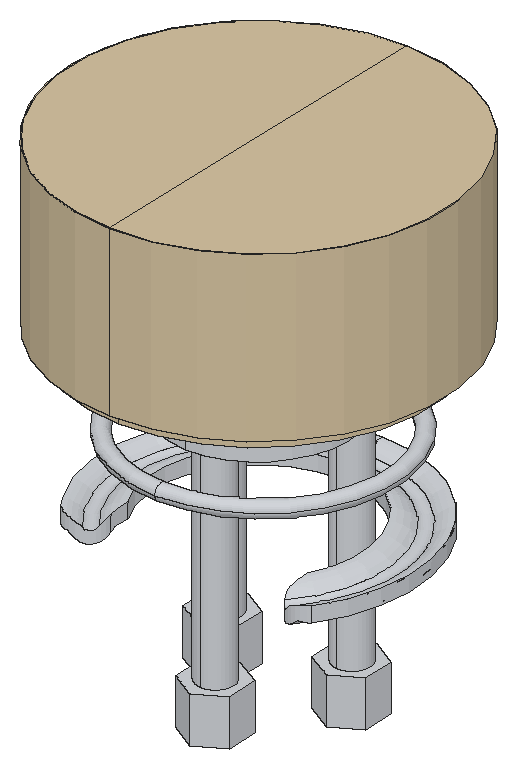
Revit family "Reece_Tap_Milli_Pure_Mixer_Progressive_Hob Top Mount_Linear Texture", category Plumbing Fixtures, host Face, Revit 2018
Family settings
  Host = Face
  Round Connector Dimension = Use Diameter
  Part Type = Normal
  Cut with Voids When Loaded = No
  Shared = Yes
  Room Calculation Point = Yes
Parameters (values of type "PVD Brushed Gold")
  WFU = 0  # constant formula
  URL = "https://www.reece.com.au/product/-9510949"
  Type Comments = "Tap"
  Reece_Tap_Inlet = 12 mm  # constant formula
  Reece_Product_Web Page = "https://www.reece.com.au/product/-9510949"
  Reece_Product_Type = "Tap"  # constant formula
  Reece_Product_Sub Brand = "Pure"  # constant formula
  Reece_Product_Number = "9510949"
  Reece_Product_Mount = "Hob Mounted"
  Reece_Product_Description = "Milli Pure Progressive Top Mount Hob Mixer Tap with Linear Textured Handle PVD Brushed Gold"
  Reece_Product_Brand = "Milli"  # constant formula
  Reece_Overall_Width = 62 mm  # constant formula
  Reece_Overall_Height = 30 mm  # constant formula
  Reece_Material_Secondary = Reece_PVD_Brushed Gold_Linear Pattern
  Reece_Material-Main = Reece_PVD_Brushed Gold
  Reece_Detail_Tap_Handle Texture = "Linear Texture"  # constant formula
  Reece_Detail_Installation = ""
  Reece_Detail_Disclaimer = "THIS FILE IS THE PROPERTY OF THE REECE GROUP. IT MAY NOT BE REPRODUCED, REVERSE-ENGINEERED OR MODIFIED. ANY REPUBLICATION, TRANSMISSION OR DISTRIBUTION FOR THE PURPOSE OF COMMERCIALLY EXPLOITING THE FILES IS PROHIBITED."  # constant formula
  Reece_Detail_Connector = ""
  Reece_Detail_Additional = "Top Mount"  # constant formula
  Reece_3D Texture = no
  Reece_3D Simplified Geometry = not(Reece_3D Texture)  # yes
  Model = "Pure"
  Manufacturer = "Milli"
  Keynote = "Product #9510949, Reece_Tap_Milli_Pure_Mixer_Progressive_Hob Top Mount_Linear Texture - PVD Brushed Gold"
  HWFU = 0  # constant formula
  Disclaimer = "THIS FILE IS THE PROPERTY OF THE REECE GROUP. IT MAY NOT BE REPRODUCED, REVERSE-ENGINEERED OR MODIFIED. ANY REPUBLICATION, TRANSMISSION OR DISTRIBUTION FOR THE PURPOSE OF COMMERCIALLY EXPLOITING THE FILES IS PROHIBITED."  # constant formula
  Description = "Milli Pure Progressive Top Mount Hob Mixer Tap with Linear Textured Handle PVD Brushed Gold"
  Default Elevation = 0 mm  # constant formula
  CWFU = 0  # constant formula
Types (7, lengths in mm): name | URL | Reece_Product_Web Page | Reece_Product_Number | Reece_Product_Description | Reece_Material_Secondary | Reece_Material-Main | Keynote | Description
  (no name) | "https://www.reece.com.au/product/-2263917" | "https://www.reece.com.au/product/-2263917" | "2263917" | "Milli Pure Progressive Top Mount Hob Mixer Tap with Linear Textured Handle Brushed Gunmetal" | Reece_Brass_Brushed Gunmetal_Linear Pattern | Reece_Brass_Brushed Gunmetal | "Product #2263917, Reece_Tap_Milli_Pure_Mixer_Progressive_Hob Top Mount_Linear Texture -  " | "Milli Pure Progressive Top Mount Hob Mixer Tap with Linear Textured Handle Brushed Gunmetal"
  Brushed Gunmetal | "https://www.reece.com.au/product/-2263917" | "https://www.reece.com.au/product/-2263917" | "2263917" | "Milli Pure Progressive Top Mount Hob Mixer Tap with Linear Textured Handle Brushed Gunmetal" | Reece_Brass_Brushed Gunmetal_Linear Pattern | Reece_Brass_Brushed Gunmetal | "Product #2263917, Reece_Tap_Milli_Pure_Mixer_Progressive_Hob Top Mount_Linear Texture - Brushed Gunmetal" | "Milli Pure Progressive Top Mount Hob Mixer Tap with Linear Textured Handle Brushed Gunmetal"
  Chrome | "https://www.reece.com.au/product/-2263911" | "https://www.reece.com.au/product/-2263911" | "2263911" | "Milli Pure Progressive Top Mount Hob Mixer Tap with Linear Textured Handle Chrome" | Reece_Brass_Chrome_Linear Pattern | Reece_Brass_Chrome | "Product #2263911, Reece_Tap_Milli_Pure_Mixer_Progressive_Hob Top Mount_Linear Texture - Chrome" | "Milli Pure Progressive Top Mount Hob Mixer Tap with Linear Textured Handle Chrome"
  Matte Black | "https://www.reece.com.au/product/-2263920" | "https://www.reece.com.au/product/-2263920" | "2263920" | "Milli Pure Progressive Top Mount Hob Mixer Tap with Linear Textured Handle Matte Black" | Reece_Brass_Matte Black_Linear Pattern | Reece_Brass_Matte Black | "Product #2263920, Reece_Tap_Milli_Pure_Mixer_Progressive_Hob Top Mount_Linear Texture - Matte Black" | "Milli Pure Progressive Top Mount Hob Mixer Tap with Linear Textured Handle Matte Black"
  Brushed Nickel | "https://www.reece.com.au/product/-2263914" | "https://www.reece.com.au/product/-2263914" | "2263914" | "Milli Pure Progressive Top Mount Hob Mixer Tap with Linear Textured Handle Brushed Nickel" | Reece_Brass_Brushed Nickel_Linear Pattern | Reece_Brass_Brushed Nickel | "Product #2263914, Reece_Tap_Milli_Pure_Mixer_Progressive_Hob Top Mount_Linear Texture - Brushed Nickel" | "Milli Pure Progressive Top Mount Hob Mixer Tap with Linear Textured Handle Brushed Nickel"
  PVD Brushed Bronze | "https://www.reece.com.au/product/-9511134" | "https://www.reece.com.au/product/-9511134" | "9511134" | "Milli Pure Progressive Top Mount Hob Mixer Tap with Linear Textured Handle PVD Brushed Bronze" | Reece_PVD_Brushed Bronze_Linear Pattern | Reece_PVD_Brushed Bronze | "Product #9511134, Reece_Tap_Milli_Pure_Mixer_Progressive_Hob Top Mount_Linear Texture - PVD Brushed Bronze" | "Milli Pure Progressive Top Mount Hob Mixer Tap with Linear Textured Handle PVD Brushed Bronze"
  PVD Brushed Gold | "https://www.reece.com.au/product/-9510949" | "https://www.reece.com.au/product/-9510949" | "9510949" | "Milli Pure Progressive Top Mount Hob Mixer Tap with Linear Textured Handle PVD Brushed Gold" | Reece_PVD_Brushed Gold_Linear Pattern | Reece_PVD_Brushed Gold | "Product #9510949, Reece_Tap_Milli_Pure_Mixer_Progressive_Hob Top Mount_Linear Texture - PVD Brushed Gold" | "Milli Pure Progressive Top Mount Hob Mixer Tap with Linear Textured Handle PVD Brushed Gold"
Reference planes
  plane 1 "Center (Front/Back)": y = 0
  plane 2 "Bottom": z = 0
  plane 3 "Center (Left/Right)": x = 0
  plane 4 "Top": z = 30
  plane 5: y = -31
  plane 6: y = 31
Forms (mm)
  Extrusion 1, void
    sketch origin (50, 0, 0) x (-1, 0, 0) y (0, -1, 0)
      loop
        circle (50, 0) r 25
    from 0 to -30
  Revolve 2, solid
    sketch origin (0, 0, -7) x (0, 1, 0) y (0, 0, 1)
      loop
        arc (18.75, -21.5) -> (21.75, -23) -> (24.75, -21.5) r 3.75
        line (24.75, -21.5) -> (25.75, -21.5) -> (25.75, -19)
        arc (25.75, -19) -> (24.212, -19.499) -> (22.941, -20.498) r 4.61
        arc (22.941, -20.498) -> (21.841, -21) -> (20.728, -20.527) r 1.5
        arc (20.728, -20.527) -> (19.122, -19.398) -> (17.2, -19) r 4.84
        line (17.2, -19) -> (17.2, -21.5) -> (18.75, -21.5)
      axis (0, -19) -> (0, -21.5)
    angle from 0 to 360
  Revolve 3, solid
    sketch origin (0, 0, 0) x (0, 1, 0) y (0, 0, 1)
      loop
        circle (22.2, -14) r 1.3
      axis (1, -14) -> (1, -13)
    angle from 0 to 360
  Extrusion 4, void
    sketch origin (0, 0, -23) x (1, 0, 0) y (0, 1, 0)
      loop
        line (27.556, -34.599) -> (27.556, -14.961) -> (20.958, -14.961)
        arc (20.958, -14.961) -> (17.049, -15.272) -> (15, -11.93) r 3.75
        line (15, -11.93) -> (15, -8.417) -> (-15, -8.417) -> (-15, -11.93)
        arc (-15, -11.93) -> (-17.049, -15.272) -> (-20.958, -14.961) r 3.75
        line (-20.958, -14.961) -> (-27.556, -14.961) -> (-27.556, -34.599) -> (27.556, -34.599)
    from -13.943 to 5
  Extrusion 5, solid
    sketch origin (0, 2, 7) x (0, 1, 0) y (1, 0, 0)
      loop
        circle (4, 10.75) r 3
      loop
        circle (4, -10.75) r 3
      loop
        circle (-11, 0) r 3
    from 17 to 61.5
  Extrusion 6, solid
    sketch origin (0, 0, 0) x (1, 0, 0) y (0, 1, 0)
      loop
        circle (10.75, 6) r 3
      loop
        line (10.75, 11.196) -> (6.25, 8.598) -> (6.25, 3.402) -> (10.75, 0.804) -> (15.25, 3.402) -> (15.25, 8.598) -> (10.75, 11.196)
      loop
        circle (-10.75, 6) r 3
      loop
        line (-10.75, 11.196) -> (-15.25, 8.598) -> (-15.25, 3.402) -> (-10.75, 0.804) -> (-6.25, 3.402) -> (-6.25, 8.598) -> (-10.75, 11.196)
      loop
        circle (0, -9) r 3
      loop
        line (0, -3.804) -> (-4.5, -6.402) -> (-4.5, -11.598) -> (0, -14.196) -> (4.5, -11.598) -> (4.5, -6.402) -> (0, -3.804)
    from -54.5 to -46.787
  Revolve 7, solid
    sketch origin (0, 0, 7) x (0, 1, 0) y (0, 0, 1)
      loop
        line (15, -17) -> (15, 0) -> (0, 0) -> (0, -17) -> (15, -17)
      axis (0, 0) -> (0, -17)
    angle from 0 to 360
Cuts and joins
  Extrusion 4 cuts Revolve 2
Text (mm)
  text "Reece Copyright © 2018, Reece Ltd." at (-1146.244, -273.583, 0), in view "Ref. Level"
  text "Reece ©" at (44.384, 258.95, 192.345), in view "Reece Preview"
Dimensions and locks
  "Reece_Overall_Width": plane 6 to plane 5
  "Reece_Overall_Height": plane 4 "Top" to plane 2 "Bottom"
  equal spacing: plane 6, plane 1 "Center (Front/Back)", plane 5
  aligned and locked: plane 2 "Bottom" to host face
  aligned and locked: level to host face
Automatic sketch dimensions
  host sketch curve to host sketch curve = 380.785 mm
  host sketch curve to host sketch curve = 317.421 mm
  Extrusion 1 sketch curve to Extrusion 1 sketch curve = 0 mm  (x2)
  plane 1 "Center (Front/Back)" to Extrusion 1 sketch curve = 0 mm
  Extrusion 1 sketch curve to plane 3 "Center (Left/Right)" = 0 mm
  Extrusion 1 sketch curve to Extrusion 1 sketch curve = 25 mm
  Revolve 2 sketch curve to plane 1 "Center (Front/Back)" = 0 mm
  Revolve 2 sketch curve to level = 26 mm
  Revolve 2 sketch curve to plane 6 = 13.8 mm
  Revolve 2 sketch curve to Revolve 2 sketch curve = 1.55 mm
  Revolve 2 sketch curve to Revolve 2 sketch curve = 3 mm
  Revolve 2 sketch curve to Revolve 2 sketch curve = 0.072 mm
  Revolve 2 sketch curve to Revolve 2 sketch curve = 2.928 mm
  Revolve 2 sketch curve to Revolve 2 sketch curve = 1 mm
  Revolve 2 sketch curve to Revolve 2 sketch curve = 0.632 mm
  Revolve 2 sketch curve to level = 26.25 mm
  Revolve 2 sketch curve to Revolve 2 sketch curve = 0.25 mm
  Revolve 2 sketch curve to Revolve 2 sketch curve = 2.5 mm  (x2)
  Revolve 2 sketch curve to Revolve 2 sketch curve = 2.066 mm
  Revolve 2 sketch curve to Revolve 2 sketch curve = 2.34 mm
  Revolve 2 sketch curve to Revolve 2 sketch curve = 0 mm
  Revolve 2 sketch curve to Revolve 2 sketch curve = 316.97 mm
  plane 4 "Top" to Revolve 2 sketch curve = 806.832 mm
  Revolve 3 sketch curve to plane 6 = 8.8 mm
  Revolve 3 sketch curve to level = 14 mm  (x2)
  Revolve 3 sketch curve to plane 1 "Center (Front/Back)" = 1 mm
  Revolve 3 sketch curve to Revolve 3 sketch curve = 4.102 mm
  plane 5 to Extrusion 4 sketch curve = 3.599 mm
  Extrusion 4 sketch curve to plane 3 "Center (Left/Right)" = 27.556 mm
  Extrusion 4 sketch curve to Extrusion 4 sketch curve = 6.599 mm  (x2)
  Extrusion 4 sketch curve to Extrusion 4 sketch curve = 2.208 mm  (x2)
  Extrusion 4 sketch curve to Extrusion 4 sketch curve = 3.75 mm  (x2)
  plane 1 "Center (Front/Back)" to Extrusion 4 sketch curve = 8.417 mm
  Extrusion 4 sketch curve to Extrusion 4 sketch curve = 30 mm
  Extrusion 4 sketch curve to Extrusion 4 sketch curve = 6.545 mm  (x2)
  Extrusion 5 sketch curve to plane 3 "Center (Left/Right)" = 0 mm
  plane 1 "Center (Front/Back)" to Extrusion 5 sketch curve = 9 mm
  Extrusion 5 sketch curve to plane 1 "Center (Front/Back)" = 6 mm  (x2)
  plane 3 "Center (Left/Right)" to Extrusion 5 sketch curve = 10.75 mm
  Extrusion 5 sketch curve to plane 3 "Center (Left/Right)" = 10.75 mm
  Extrusion 6 sketch curve to plane 3 "Center (Left/Right)" = 0 mm  (x3)
  Extrusion 6 sketch curve to plane 3 "Center (Left/Right)" = 4.5 mm
  Extrusion 6 sketch curve to plane 3 "Center (Left/Right)" = 6.25 mm
  Extrusion 6 sketch curve to Extrusion 6 sketch curve = 4.5 mm  (x5)
  Extrusion 6 sketch curve to Extrusion 6 sketch curve = 0 mm  (x3)
  Extrusion 6 sketch curve to plane 1 "Center (Front/Back)" = 0.804 mm  (x2)
  plane 3 "Center (Left/Right)" to Extrusion 6 sketch curve = 4.5 mm
  plane 3 "Center (Left/Right)" to Extrusion 6 sketch curve = 6.25 mm
  plane 1 "Center (Front/Back)" to Extrusion 6 sketch curve = 3.804 mm
  Extrusion 6 sketch curve to Extrusion 6 sketch curve = 2.598 mm  (x8)
  Extrusion 6 sketch curve to Extrusion 6 sketch curve = 5.196 mm  (x6)
  Extrusion 6 sketch curve to plane 1 "Center (Front/Back)" = 3.402 mm  (x4)
  Revolve 7 sketch curve to plane 1 "Center (Front/Back)" = 0 mm  (x2)
  Revolve 7 sketch curve to Revolve 7 sketch curve = 15 mm
  Revolve 7 sketch curve to level = 10 mm
  level to Revolve 7 sketch curve = 7 mm
  Revolve 7 sketch curve to Revolve 7 sketch curve = 33 mm
  Revolve 7 sketch curve to plane 4 "Top" = 8 mm
  radius of Revolve 3 sketch curve = 1.3 mm
  radius of Extrusion 5 sketch curve = 3 mm  (x3)
  radius of Extrusion 6 sketch curve = 3 mm  (x3)
Nested families
  nested 1: "Reece_Tap_Milli_Pure_Diverter_Linear Texture_Cap_62mm" at (0, 0, 0), visible <- "Reece_3D Texture", Reece_Material-Main <- "Reece_Material-Main", Reece_Material_Secondary <- "Reece_Material_Secondary", type "62mm x 30mm"
    with Reece_Material_Secondary Reece_PVD_Brushed Gold_Linear Pattern, Reece_Material-Main Reece_PVD_Brushed Gold
  nested 2: "Reece_Tap_Milli_Pure_Diverter_Texture_Main_Nested" at (0, 0, 0), visible <- "Reece_3D Simplified Geometry", Reece_Material-Main <- "Reece_Material-Main", Reece_Material_Secondary <- "Reece_Material_Secondary", type "62mm x 30mm"
    with Reece_Material_Secondary Reece_PVD_Brushed Gold_Linear Pattern, Reece_Material-Main Reece_PVD_Brushed Gold
Connectors
  piping at (10.75, 6, -54.5), diameter 12, driven by "Reece_Tap_Inlet"
    settings: on Extrusion 5, index 1, connector inside diameter 609.6 mm, connector length 0 mm, flow factor 0, pipe flow 0.0 L/s, pressure drop 0.0 Pa, fitting loss kfactor 0, connector angle 0.00°, fixture units 0, engagement length 0 mm, angle of deflection 0.00°, flow configuration 0, flow direction 1, fitting loss method 0, system type 29, joint type 0, gender type 0, connector reference index -1, connector utility 0, adjustable connector no, is connector primary yes, connector description ""
  piping at (0, -9, -54.5), diameter 12, driven by "Reece_Tap_Inlet"
    settings: on Extrusion 6, index 2, connector inside diameter 609.6 mm, connector length 0 mm, flow factor 0, pipe flow 0.0 L/s, pressure drop 0.0 Pa, fitting loss kfactor 0, connector angle 0.00°, fixture units 0, engagement length 0 mm, angle of deflection 0.00°, flow configuration 0, flow direction 2, fitting loss method 0, system type 29, joint type 0, gender type 0, connector reference index -1, connector utility 0, adjustable connector no, is connector primary no, connector description ""
  piping at (-10.75, 6, -54.5), diameter 12, driven by "Reece_Tap_Inlet"
    settings: on Extrusion 5, index 3, connector inside diameter 609.6 mm, connector length 0 mm, flow factor 0, pipe flow 0.0 L/s, pressure drop 0.0 Pa, fitting loss kfactor 0, connector angle 0.00°, fixture units 0, engagement length 0 mm, angle of deflection 0.00°, flow configuration 0, flow direction 1, fitting loss method 0, system type 29, joint type 0, gender type 0, connector reference index -1, connector utility 0, adjustable connector no, is connector primary no, connector description ""
Definition of nested family "Reece_Tap_Milli_Pure_Diverter_Linear Texture_Cap_62mm"
  Parameters (values of type "62mm x 30mm")
    WFU = 0  # constant formula
    Reece_Overall_Width = 62 mm
    Reece_Overall_Height = 30 mm  # constant formula
    Reece_Material_Secondary [instance] = none
    Reece_Material-Main [instance] = none
    Reece_Detail_Installation = ""
    Reece_Detail_Connector = ""
    Reece_Detail_Additional = ""
    HWFU = 0  # constant formula
    Default Elevation = 1000 mm
    CWFU = 0  # constant formula
  Reference planes
    plane 1 "Center (Front/Back)": y = 0
    plane 2 "Bottom": z = 0
    plane 3 "Center (Left/Right)": x = 0
    plane 4: y = -31
    plane 5: y = 31
    plane 6: z = 30
    plane 7: y = -29
    plane 8: y = 29
  Forms (mm)
    Extrusion 1, solid
      sketch origin (619.2, -619.2, 0) x (1, 0, 0) y (0, 1, 0)
        loop
          line (-809.2, 779.2) -> (-809.2, 461.779) -> (-428.415, 461.779) -> (-428.415, 779.2) -> (-809.2, 779.2)
      from 0 to -9.564
    Revolve 2, solid, material <- "Reece_Material-Main"
      sketch origin (0, 0, -140.292) x (0, 1, 0) y (0, 0, 1)
        loop
          line (0, 148.292) -> (-31, 148.292) -> (-31, 142.292) -> (-29, 142.292) -> (-29, 140.292) -> (-27, 140.292) -> (-27, 144.803) -> (0, 144.803) -> (0, 148.292)
        axis (0, 140.292) -> (0, 148.292)
      angle from 0 to 360
    Extrusion 3, solid, material <- "Reece_Material-Main"
      sketch origin (300, 0, 0) x (1, 0, 0) y (0, 1, 0)
        loop
          arc (-296.03, 29.736) -> (-296.921, 30.824) -> (-298.01, 29.934) r 0.995
          arc (-298.01, 29.934) -> (-298.685, 30.924) -> (-299.653, 30.218) r 0.834
          arc (-299.653, 30.218) -> (-300.619, 30.953) -> (-301.333, 29.97) r 0.849
          arc (-301.333, 29.97) -> (-302.402, 30.885) -> (-303.318, 29.816) r 0.995
          arc (-303.318, 29.816) -> (-304.445, 30.657) -> (-305.288, 29.53) r 0.995
          arc (-305.288, 29.53) -> (-306.469, 30.295) -> (-307.234, 29.115) r 0.995
          arc (-307.234, 29.115) -> (-308.464, 29.799) -> (-309.149, 28.571) r 0.995
          arc (-309.149, 28.571) -> (-310.421, 29.172) -> (-311.024, 27.901) r 0.995
          arc (-311.024, 27.901) -> (-312.333, 28.417) -> (-312.85, 27.108) r 0.995
          arc (-312.85, 27.108) -> (-314.191, 27.536) -> (-314.62, 26.197) r 0.995
          arc (-314.62, 26.197) -> (-315.986, 26.535) -> (-316.325, 25.169) r 0.995
          arc (-316.325, 25.169) -> (-317.71, 25.416) -> (-317.958, 24.031) r 0.995
          arc (-317.958, 24.031) -> (-319.357, 24.186) -> (-319.513, 22.787) r 0.995
          arc (-319.513, 22.787) -> (-320.918, 22.849) -> (-320.981, 21.443) r 0.995
          arc (-320.981, 21.443) -> (-322.388, 21.411) -> (-322.357, 20.004) r 0.995
          arc (-322.357, 20.004) -> (-323.758, 19.879) -> (-323.634, 18.478) r 0.995
          arc (-323.634, 18.478) -> (-325.024, 18.26) -> (-324.808, 16.869) r 0.995
          arc (-324.808, 16.869) -> (-326.18, 16.56) -> (-325.872, 15.187) r 0.995
          arc (-325.872, 15.187) -> (-327.221, 14.787) -> (-326.822, 13.438) r 0.995
          arc (-326.822, 13.438) -> (-328.142, 12.949) -> (-327.654, 11.629) r 0.995
          arc (-327.654, 11.629) -> (-328.938, 11.054) -> (-328.365, 9.77) r 0.995
          arc (-328.365, 9.77) -> (-329.608, 9.111) -> (-328.95, 7.867) r 0.995
          arc (-328.95, 7.867) -> (-330.147, 7.127) -> (-329.408, 5.93) r 0.995
          arc (-329.408, 5.93) -> (-330.553, 5.112) -> (-329.737, 3.966) r 0.995
          arc (-329.737, 3.966) -> (-330.825, 3.074) -> (-329.934, 1.985) r 0.995
          arc (-329.934, 1.985) -> (-330.961, 1.023) -> (-330, -0.004) r 0.995
          arc (-330, -0.004) -> (-330.961, -1.032) -> (-329.934, -1.994) r 0.995
          arc (-329.934, -1.994) -> (-330.824, -3.083) -> (-329.736, -3.975) r 0.995
          arc (-329.736, -3.975) -> (-330.552, -5.121) -> (-329.406, -5.938) r 0.995
          arc (-329.406, -5.938) -> (-330.145, -7.136) -> (-328.948, -7.875) r 0.995
          arc (-328.948, -7.875) -> (-329.605, -9.119) -> (-328.362, -9.778) r 0.995
          arc (-328.362, -9.778) -> (-328.935, -11.063) -> (-327.651, -11.637) r 0.995
          arc (-327.651, -11.637) -> (-328.138, -12.957) -> (-326.818, -13.446) r 0.995
          arc (-326.818, -13.446) -> (-327.216, -14.795) -> (-325.867, -15.195) r 0.995
          arc (-325.867, -15.195) -> (-326.175, -16.567) -> (-324.803, -16.877) r 0.995
          arc (-324.803, -16.877) -> (-325.019, -18.267) -> (-323.629, -18.484) r 0.995
          arc (-323.629, -18.484) -> (-323.752, -19.886) -> (-322.351, -20.011) r 0.995
          arc (-322.351, -20.011) -> (-322.381, -21.417) -> (-320.975, -21.449) r 0.995
          arc (-320.975, -21.449) -> (-320.912, -22.855) -> (-319.506, -22.793) r 0.995
          arc (-319.506, -22.793) -> (-319.35, -24.191) -> (-317.951, -24.036) r 0.995
          arc (-317.951, -24.036) -> (-317.703, -25.421) -> (-316.318, -25.174) r 0.995
          arc (-316.318, -25.174) -> (-315.978, -26.539) -> (-314.612, -26.201) r 0.995
          arc (-314.612, -26.201) -> (-314.183, -27.541) -> (-312.842, -27.112) r 0.995
          arc (-312.842, -27.112) -> (-312.325, -28.421) -> (-311.016, -27.904) r 0.995
          arc (-311.016, -27.904) -> (-310.413, -29.175) -> (-309.141, -28.573) r 0.995
          arc (-309.141, -28.573) -> (-308.455, -29.802) -> (-307.226, -29.117) r 0.995
          arc (-307.226, -29.117) -> (-306.46, -30.297) -> (-305.279, -29.532) r 0.995
          arc (-305.279, -29.532) -> (-304.436, -30.659) -> (-303.309, -29.817) r 0.995
          arc (-303.309, -29.817) -> (-302.393, -30.885) -> (-301.324, -29.971) r 0.995
          arc (-301.324, -29.971) -> (-300.34, -30.976) -> (-299.333, -29.993) r 0.995
          arc (-299.333, -29.993) -> (-298.285, -30.93) -> (-297.346, -29.882) r 0.995
          arc (-297.346, -29.882) -> (-296.237, -30.748) -> (-295.37, -29.641) r 0.995
          arc (-295.37, -29.641) -> (-294.206, -30.431) -> (-293.414, -29.268) r 0.995
          arc (-293.414, -29.268) -> (-292.201, -29.98) -> (-291.488, -28.767) r 0.995
          arc (-291.488, -28.767) -> (-290.229, -29.397) -> (-289.598, -28.139) r 0.995
          arc (-289.598, -28.139) -> (-288.301, -28.684) -> (-287.755, -27.387) r 0.995
          arc (-287.755, -27.387) -> (-286.425, -27.845) -> (-285.966, -26.515) r 0.995
          arc (-285.966, -26.515) -> (-284.608, -26.883) -> (-284.238, -25.526) r 0.995
          arc (-284.238, -25.526) -> (-282.859, -25.803) -> (-282.58, -24.424) r 0.995
          arc (-282.58, -24.424) -> (-281.185, -24.61) -> (-280.999, -23.215) r 0.995
          arc (-280.999, -23.215) -> (-279.595, -23.308) -> (-279.501, -21.904) r 0.995
          arc (-279.501, -21.904) -> (-278.094, -21.903) -> (-278.093, -20.496) r 0.995
          arc (-278.093, -20.496) -> (-276.689, -20.402) -> (-276.782, -18.998) r 0.995
          arc (-276.782, -18.998) -> (-275.388, -18.811) -> (-275.573, -17.416) r 0.995
          arc (-275.573, -17.416) -> (-274.194, -17.137) -> (-274.472, -15.758) r 0.995
          arc (-274.472, -15.758) -> (-273.114, -15.388) -> (-273.483, -14.03) r 0.995
          arc (-273.483, -14.03) -> (-272.153, -13.571) -> (-272.611, -12.241) r 0.995
          arc (-272.611, -12.241) -> (-271.314, -11.694) -> (-271.859, -10.397) r 0.995
          arc (-271.859, -10.397) -> (-270.602, -9.766) -> (-271.232, -8.508) r 0.995
          arc (-271.232, -8.508) -> (-270.019, -7.795) -> (-270.731, -6.582) r 0.995
          arc (-270.731, -6.582) -> (-269.568, -5.79) -> (-270.359, -4.626) r 0.995
          arc (-270.359, -4.626) -> (-269.251, -3.759) -> (-270.117, -2.65) r 0.995
          arc (-270.117, -2.65) -> (-269.069, -1.711) -> (-270.007, -0.662) r 0.995
          arc (-270.007, -0.662) -> (-269.024, 0.344) -> (-270.029, 1.328) r 0.995
          arc (-270.029, 1.328) -> (-269.115, 2.398) -> (-270.184, 3.313) r 0.995
          arc (-270.184, 3.313) -> (-269.342, 4.441) -> (-270.469, 5.283) r 0.995
          arc (-270.469, 5.283) -> (-269.704, 6.464) -> (-270.884, 7.23) r 0.995
          arc (-270.884, 7.23) -> (-270.2, 8.459) -> (-271.428, 9.145) r 0.995
          arc (-271.428, 9.145) -> (-270.826, 10.417) -> (-272.097, 11.02) r 0.995
          arc (-272.097, 11.02) -> (-271.581, 12.329) -> (-272.89, 12.846) r 0.995
          arc (-272.89, 12.846) -> (-272.462, 14.187) -> (-273.801, 14.616) r 0.995
          arc (-273.801, 14.616) -> (-273.463, 15.982) -> (-274.828, 16.321) r 0.995
          arc (-274.828, 16.321) -> (-274.581, 17.706) -> (-275.966, 17.955) r 0.995
          arc (-275.966, 17.955) -> (-275.812, 19.353) -> (-277.21, 19.509) r 0.995
          arc (-277.21, 19.509) -> (-277.148, 20.915) -> (-278.554, 20.978) r 0.995
          arc (-278.554, 20.978) -> (-278.586, 22.384) -> (-279.992, 22.354) r 0.995
          arc (-279.992, 22.354) -> (-280.118, 23.755) -> (-281.519, 23.632) r 0.995
          arc (-281.519, 23.632) -> (-281.737, 25.022) -> (-283.127, 24.805) r 0.995
          arc (-283.127, 24.805) -> (-283.436, 26.178) -> (-284.809, 25.87) r 0.995
          arc (-284.809, 25.87) -> (-285.209, 27.219) -> (-286.558, 26.82) r 0.995
          arc (-286.558, 26.82) -> (-287.047, 28.14) -> (-288.367, 27.653) r 0.995
          arc (-288.367, 27.653) -> (-288.942, 28.937) -> (-290.226, 28.363) r 0.995
          arc (-290.226, 28.363) -> (-290.885, 29.606) -> (-292.129, 28.949) r 0.995
          arc (-292.129, 28.949) -> (-292.869, 30.146) -> (-294.066, 29.407) r 0.995
          arc (-294.066, 29.407) -> (-294.884, 30.552) -> (-296.03, 29.736) r 0.995
      from 8 to 30
  Text (mm)
    text "Reece Copyright © 2018, Reece Ltd." at (-1403.988, -1192.393, 0), in view "Ref. Level"
    text "Reece ©" at (44.384, 258.95, 192.345), in view "Reece Preview"
  Dimensions and locks
    equal spacing: plane 5, plane 1 "Center (Front/Back)", plane 4
    "Reece_Overall_Width": plane 5 to plane 4
    "Reece_Overall_Height": plane 6 to plane 2 "Bottom"
    locked: plane 7 to plane 4 at 2
    locked: plane 5 to plane 8 at 2
    aligned and locked: plane 2 "Bottom" to Extrusion 1
    aligned and locked: level to Extrusion 1
  Automatic sketch dimensions
    Extrusion 1 sketch curve to Extrusion 1 sketch curve = 380.785 mm
    Extrusion 1 sketch curve to Extrusion 1 sketch curve = 317.421 mm
    Revolve 2 sketch curve to plane 4 = 0 mm
    level to Revolve 2 sketch curve = 0 mm
    Revolve 2 sketch curve to plane 7 = 0 mm
    Revolve 2 sketch curve to plane 1 "Center (Front/Back)" = 0 mm  (x2)
    plane 7 to Revolve 2 sketch curve = 2 mm
    level to Revolve 2 sketch curve = 2 mm
    level to Revolve 2 sketch curve = 4.511 mm
    Revolve 2 sketch curve to Revolve 2 sketch curve = 3.489 mm
    plane 6 to Revolve 2 sketch curve = 17.996 mm
    Revolve 2 sketch curve to Revolve 2 sketch curve = 3.712 mm
    Extrusion 3 sketch curve to plane 1 "Center (Front/Back)" = 0.99 mm
    Extrusion 3 sketch curve to Extrusion 3 sketch curve = 0 mm
    Extrusion 3 sketch curve to Extrusion 3 sketch curve = 0.132 mm  (x2)
    Extrusion 3 sketch curve to Extrusion 3 sketch curve = 0.263 mm
    Extrusion 3 sketch curve to Extrusion 3 sketch curve = 0.264 mm
    Extrusion 3 sketch curve to Extrusion 3 sketch curve = 0.393 mm
    Extrusion 3 sketch curve to Extrusion 3 sketch curve = 0.394 mm
    Extrusion 3 sketch curve to Extrusion 3 sketch curve = 0.522 mm  (x2)
    Extrusion 3 sketch curve to Extrusion 3 sketch curve = 0.648 mm  (x2)
    Extrusion 3 sketch curve to Extrusion 3 sketch curve = 0.771 mm
    Extrusion 3 sketch curve to Extrusion 3 sketch curve = 0.772 mm
    Extrusion 3 sketch curve to Extrusion 3 sketch curve = 0.891 mm
    Extrusion 3 sketch curve to Extrusion 3 sketch curve = 0.892 mm
    Extrusion 3 sketch curve to Extrusion 3 sketch curve = 1.007 mm  (x2)
    Extrusion 3 sketch curve to Extrusion 3 sketch curve = 1.008 mm
    Extrusion 3 sketch curve to Extrusion 3 sketch curve = 1.119 mm  (x3)
    Extrusion 3 sketch curve to Extrusion 3 sketch curve = 1.225 mm
    Extrusion 3 sketch curve to Extrusion 3 sketch curve = 1.226 mm  (x2)
    Extrusion 3 sketch curve to Extrusion 3 sketch curve = 1.327 mm  (x3)
    Extrusion 3 sketch curve to Extrusion 3 sketch curve = 1.422 mm  (x3)
    Extrusion 3 sketch curve to Extrusion 3 sketch curve = 1.511 mm  (x2)
    Extrusion 3 sketch curve to Extrusion 3 sketch curve = 1.512 mm
    Extrusion 3 sketch curve to Extrusion 3 sketch curve = 1.594 mm  (x3)
    Extrusion 3 sketch curve to Extrusion 3 sketch curve = 1.669 mm  (x2)
    Extrusion 3 sketch curve to Extrusion 3 sketch curve = 1.67 mm
    Extrusion 3 sketch curve to Extrusion 3 sketch curve = 1.737 mm  (x2)
    Extrusion 3 sketch curve to Extrusion 3 sketch curve = 1.738 mm
    Extrusion 3 sketch curve to Extrusion 3 sketch curve = 1.798 mm  (x3)
    plane 7 to Extrusion 3 sketch curve = 1.493 mm
    plane 8 to Extrusion 3 sketch curve = 0.765 mm
    Extrusion 3 sketch curve to Extrusion 3 sketch curve = 1.85 mm  (x2)
    plane 7 to Extrusion 3 sketch curve = 0.762 mm
    Extrusion 3 sketch curve to Extrusion 3 sketch curve = 1.851 mm
    plane 8 to Extrusion 3 sketch curve = 0.158 mm
    Extrusion 3 sketch curve to Extrusion 3 sketch curve = 1.895 mm  (x3)
    plane 7 to Extrusion 3 sketch curve = 0.156 mm
    Extrusion 3 sketch curve to plane 8 = 0.322 mm
    Extrusion 3 sketch curve to Extrusion 3 sketch curve = 1.931 mm  (x3)
    Extrusion 3 sketch curve to plane 7 = 0.323 mm
    Extrusion 3 sketch curve to Extrusion 3 sketch curve = 1.958 mm  (x2)
    Extrusion 3 sketch curve to Extrusion 3 sketch curve = 1.959 mm
    Extrusion 3 sketch curve to plane 8 = 0.892 mm
    Extrusion 3 sketch curve to Extrusion 3 sketch curve = 1.977 mm  (x3)
    Extrusion 3 sketch curve to plane 3 "Center (Left/Right)" = 0.496 mm
    Extrusion 3 sketch curve to plane 3 "Center (Left/Right)" = 0.329 mm
    plane 3 "Center (Left/Right)" to Extrusion 3 sketch curve = 1.173 mm
    plane 3 "Center (Left/Right)" to Extrusion 3 sketch curve = 1.66 mm
    Extrusion 3 sketch curve to Extrusion 3 sketch curve = 1.807 mm
    Extrusion 3 sketch curve to Extrusion 3 sketch curve = 1.982 mm  (x2)
    Extrusion 3 sketch curve to plane 8 = 0.571 mm
    Extrusion 3 sketch curve to Extrusion 3 sketch curve = 1.972 mm  (x3)
    Extrusion 3 sketch curve to plane 7 = 0.453 mm
    Extrusion 3 sketch curve to Extrusion 3 sketch curve = 1.966 mm
    Extrusion 3 sketch curve to plane 8 = 0.177 mm
    Extrusion 3 sketch curve to Extrusion 3 sketch curve = 1.95 mm  (x3)
    Extrusion 3 sketch curve to plane 7 = 0.017 mm
    Extrusion 3 sketch curve to Extrusion 3 sketch curve = 1.941 mm  (x2)
    plane 8 to Extrusion 3 sketch curve = 0.345 mm
    Extrusion 3 sketch curve to Extrusion 3 sketch curve = 1.92 mm  (x3)
    plane 7 to Extrusion 3 sketch curve = 0.548 mm
    Extrusion 3 sketch curve to Extrusion 3 sketch curve = 1.908 mm  (x2)
    Extrusion 3 sketch curve to Extrusion 3 sketch curve = 1.881 mm  (x3)
    plane 7 to Extrusion 3 sketch curve = 1.238 mm
    Extrusion 3 sketch curve to Extrusion 3 sketch curve = 1.866 mm  (x2)
    Extrusion 3 sketch curve to Extrusion 3 sketch curve = 1.834 mm  (x3)
    Extrusion 3 sketch curve to Extrusion 3 sketch curve = 1.816 mm  (x2)
    Extrusion 3 sketch curve to Extrusion 3 sketch curve = 1.779 mm  (x3)
    Extrusion 3 sketch curve to Extrusion 3 sketch curve = 1.758 mm
    Extrusion 3 sketch curve to Extrusion 3 sketch curve = 1.716 mm  (x2)
    Extrusion 3 sketch curve to Extrusion 3 sketch curve = 1.693 mm  (x2)
    Extrusion 3 sketch curve to Extrusion 3 sketch curve = 1.645 mm  (x3)
    Extrusion 3 sketch curve to Extrusion 3 sketch curve = 1.62 mm  (x2)
    Extrusion 3 sketch curve to Extrusion 3 sketch curve = 1.567 mm  (x3)
    Extrusion 3 sketch curve to Extrusion 3 sketch curve = 1.54 mm  (x2)
    Extrusion 3 sketch curve to Extrusion 3 sketch curve = 1.482 mm  (x2)
    Extrusion 3 sketch curve to Extrusion 3 sketch curve = 1.453 mm  (x2)
    Extrusion 3 sketch curve to Extrusion 3 sketch curve = 1.391 mm  (x3)
    Extrusion 3 sketch curve to Extrusion 3 sketch curve = 1.359 mm  (x2)
    Extrusion 3 sketch curve to Extrusion 3 sketch curve = 1.294 mm  (x3)
    Extrusion 3 sketch curve to Extrusion 3 sketch curve = 1.26 mm  (x2)
    Extrusion 3 sketch curve to Extrusion 3 sketch curve = 1.191 mm  (x3)
    Extrusion 3 sketch curve to Extrusion 3 sketch curve = 1.155 mm  (x2)
    Extrusion 3 sketch curve to Extrusion 3 sketch curve = 1.082 mm  (x2)
    Extrusion 3 sketch curve to Extrusion 3 sketch curve = 1.045 mm  (x2)
    Extrusion 3 sketch curve to Extrusion 3 sketch curve = 0.969 mm  (x2)
    Extrusion 3 sketch curve to Extrusion 3 sketch curve = 0.93 mm  (x2)
    Extrusion 3 sketch curve to Extrusion 3 sketch curve = 0.852 mm  (x2)
    Extrusion 3 sketch curve to Extrusion 3 sketch curve = 0.812 mm  (x2)
    Extrusion 3 sketch curve to Extrusion 3 sketch curve = 0.731 mm
    Extrusion 3 sketch curve to Extrusion 3 sketch curve = 0.69 mm
    Extrusion 3 sketch curve to Extrusion 3 sketch curve = 0.607 mm
    Extrusion 3 sketch curve to Extrusion 3 sketch curve = 0.564 mm
    Extrusion 3 sketch curve to Extrusion 3 sketch curve = 0.479 mm
    Extrusion 3 sketch curve to Extrusion 3 sketch curve = 0.436 mm
    Extrusion 3 sketch curve to Extrusion 3 sketch curve = 0.35 mm
    Extrusion 3 sketch curve to Extrusion 3 sketch curve = 0.307 mm
    Extrusion 3 sketch curve to Extrusion 3 sketch curve = 0.22 mm
    plane 1 "Center (Front/Back)" to Extrusion 3 sketch curve = 1.656 mm
    Extrusion 3 sketch curve to Extrusion 3 sketch curve = 0.176 mm
    Extrusion 3 sketch curve to plane 1 "Center (Front/Back)" = 0.333 mm
    Extrusion 3 sketch curve to Extrusion 3 sketch curve = 0.088 mm
    Extrusion 3 sketch curve to plane 7 = 0.673 mm
    Extrusion 3 sketch curve to plane 7 = 0.76 mm
    Extrusion 3 sketch curve to plane 7 = 0.893 mm
    Extrusion 3 sketch curve to plane 7 = 0.936 mm
    Extrusion 3 sketch curve to plane 7 = 0.981 mm
    Extrusion 3 sketch curve to Extrusion 3 sketch curve = 0.931 mm
    Extrusion 3 sketch curve to Extrusion 3 sketch curve = 1.715 mm
    Extrusion 3 sketch curve to Extrusion 3 sketch curve = 1.759 mm
    plane 1 "Center (Front/Back)" to Extrusion 3 sketch curve = 0.999 mm
    Extrusion 3 sketch curve to Extrusion 3 sketch curve = 1.988 mm
    Extrusion 3 sketch curve to Extrusion 3 sketch curve = 1.985 mm
    Extrusion 3 sketch curve to Extrusion 3 sketch curve = 1.483 mm
    Extrusion 3 sketch curve to Extrusion 3 sketch curve = 1.083 mm
    Extrusion 3 sketch curve to Extrusion 3 sketch curve = 0.97 mm
    plane 8 to Extrusion 3 sketch curve = 1.765 mm
    plane 8 to Extrusion 3 sketch curve = 1.496 mm
    plane 8 to Extrusion 3 sketch curve = 0.993 mm
    Extrusion 3 sketch curve to plane 8 = 0.672 mm
    Extrusion 3 sketch curve to plane 8 = 0.834 mm
    plane 5 to Extrusion 3 sketch curve = 0.897 mm
    plane 5 to Extrusion 3 sketch curve = 0.887 mm
    plane 1 "Center (Front/Back)" to Extrusion 3 sketch curve = 0.004 mm
    Extrusion 3 sketch curve to Extrusion 3 sketch curve = 0.034 mm
    Extrusion 3 sketch curve to Extrusion 3 sketch curve = 0.032 mm  (x2)
    Extrusion 3 sketch curve to Extrusion 3 sketch curve = 0.165 mm
    Extrusion 3 sketch curve to Extrusion 3 sketch curve = 0.098 mm
    Extrusion 3 sketch curve to Extrusion 3 sketch curve = 0.163 mm
    Extrusion 3 sketch curve to Extrusion 3 sketch curve = 0.164 mm
    Extrusion 3 sketch curve to Extrusion 3 sketch curve = 0.294 mm
    Extrusion 3 sketch curve to Extrusion 3 sketch curve = 0.228 mm
    Extrusion 3 sketch curve to Extrusion 3 sketch curve = 0.292 mm  (x2)
    Extrusion 3 sketch curve to Extrusion 3 sketch curve = 0.354 mm
    Extrusion 3 sketch curve to Extrusion 3 sketch curve = 0.355 mm
    Extrusion 3 sketch curve to Extrusion 3 sketch curve = 0.415 mm
    Extrusion 3 sketch curve to Extrusion 3 sketch curve = 0.476 mm
    Extrusion 3 sketch curve to Extrusion 3 sketch curve = 0.474 mm
    Extrusion 3 sketch curve to Extrusion 3 sketch curve = 0.533 mm
    Extrusion 3 sketch curve to Extrusion 3 sketch curve = 0.531 mm  (x2)
    Extrusion 3 sketch curve to Extrusion 3 sketch curve = 0.64 mm
    Extrusion 3 sketch curve to Extrusion 3 sketch curve = 0.586 mm
    Extrusion 3 sketch curve to Extrusion 3 sketch curve = 0.689 mm  (x2)
    Extrusion 3 sketch curve to Extrusion 3 sketch curve = 0.735 mm
    Extrusion 3 sketch curve to Extrusion 3 sketch curve = 0.687 mm
    Extrusion 3 sketch curve to Extrusion 3 sketch curve = 0.733 mm
    Extrusion 3 sketch curve to Extrusion 3 sketch curve = 0.734 mm
    Extrusion 3 sketch curve to Extrusion 3 sketch curve = 0.776 mm
    Extrusion 3 sketch curve to Extrusion 3 sketch curve = 0.777 mm
    Extrusion 3 sketch curve to Extrusion 3 sketch curve = 0.853 mm
    Extrusion 3 sketch curve to Extrusion 3 sketch curve = 0.816 mm
    Extrusion 3 sketch curve to Extrusion 3 sketch curve = 0.885 mm  (x2)
    Extrusion 3 sketch curve to Extrusion 3 sketch curve = 0.884 mm  (x2)
    Extrusion 3 sketch curve to Extrusion 3 sketch curve = 0.938 mm  (x2)
    plane 8 to Extrusion 3 sketch curve = 0.429 mm
    plane 7 to Extrusion 3 sketch curve = 0.427 mm
    Extrusion 3 sketch curve to plane 8 = 0.115 mm
    Extrusion 3 sketch curve to plane 7 = 0.117 mm
    Extrusion 3 sketch curve to plane 8 = 0.53 mm
    Extrusion 3 sketch curve to plane 7 = 0.532 mm
    Extrusion 3 sketch curve to plane 8 = 0.816 mm
    Extrusion 3 sketch curve to plane 7 = 0.817 mm
    Extrusion 3 sketch curve to Extrusion 3 sketch curve = 0.837 mm
    Extrusion 3 sketch curve to plane 7 = 0.971 mm
    plane 3 "Center (Left/Right)" to Extrusion 3 sketch curve = 0.347 mm
    plane 3 "Center (Left/Right)" to Extrusion 3 sketch curve = 0.667 mm
    Extrusion 3 sketch curve to Extrusion 3 sketch curve = 0.817 mm
    Extrusion 3 sketch curve to plane 7 = 0.882 mm
    Extrusion 3 sketch curve to plane 8 = 0.736 mm
    Extrusion 3 sketch curve to plane 7 = 0.641 mm
    Extrusion 3 sketch curve to plane 8 = 0.407 mm
    Extrusion 3 sketch curve to plane 7 = 0.268 mm
    plane 8 to Extrusion 3 sketch curve = 0.051 mm
    plane 7 to Extrusion 3 sketch curve = 0.233 mm
    plane 8 to Extrusion 3 sketch curve = 0.637 mm
    plane 7 to Extrusion 3 sketch curve = 0.861 mm
    Extrusion 3 sketch curve to Extrusion 3 sketch curve = 0.894 mm
    Extrusion 3 sketch curve to Extrusion 3 sketch curve = 0.874 mm
    Extrusion 3 sketch curve to Extrusion 3 sketch curve = 0.895 mm
    Extrusion 3 sketch curve to Extrusion 3 sketch curve = 0.875 mm
    Extrusion 3 sketch curve to Extrusion 3 sketch curve = 0.864 mm
    Extrusion 3 sketch curve to Extrusion 3 sketch curve = 0.803 mm
    Extrusion 3 sketch curve to Extrusion 3 sketch curve = 0.83 mm
    Extrusion 3 sketch curve to Extrusion 3 sketch curve = 0.763 mm
    Extrusion 3 sketch curve to Extrusion 3 sketch curve = 0.791 mm
    Extrusion 3 sketch curve to Extrusion 3 sketch curve = 0.719 mm
    Extrusion 3 sketch curve to Extrusion 3 sketch curve = 0.703 mm
    Extrusion 3 sketch curve to Extrusion 3 sketch curve = 0.671 mm
    Extrusion 3 sketch curve to Extrusion 3 sketch curve = 0.655 mm
    Extrusion 3 sketch curve to Extrusion 3 sketch curve = 0.673 mm
    Extrusion 3 sketch curve to Extrusion 3 sketch curve = 0.656 mm
    Extrusion 3 sketch curve to Extrusion 3 sketch curve = 0.568 mm
    Extrusion 3 sketch curve to Extrusion 3 sketch curve = 0.55 mm
    Extrusion 3 sketch curve to Extrusion 3 sketch curve = 0.513 mm
    Extrusion 3 sketch curve to Extrusion 3 sketch curve = 0.494 mm
    Extrusion 3 sketch curve to Extrusion 3 sketch curve = 0.455 mm
    Extrusion 3 sketch curve to Extrusion 3 sketch curve = 0.495 mm
    Extrusion 3 sketch curve to Extrusion 3 sketch curve = 0.457 mm
    Extrusion 3 sketch curve to Extrusion 3 sketch curve = 0.437 mm
    Extrusion 3 sketch curve to Extrusion 3 sketch curve = 0.334 mm
    Extrusion 3 sketch curve to Extrusion 3 sketch curve = 0.313 mm
    Extrusion 3 sketch curve to Extrusion 3 sketch curve = 0.336 mm
    Extrusion 3 sketch curve to Extrusion 3 sketch curve = 0.315 mm
    Extrusion 3 sketch curve to Extrusion 3 sketch curve = 0.273 mm
    Extrusion 3 sketch curve to Extrusion 3 sketch curve = 0.185 mm
    Extrusion 3 sketch curve to Extrusion 3 sketch curve = 0.209 mm
    Extrusion 3 sketch curve to Extrusion 3 sketch curve = 0.187 mm
    Extrusion 3 sketch curve to Extrusion 3 sketch curve = 0.076 mm
    Extrusion 3 sketch curve to Extrusion 3 sketch curve = 0.122 mm
    Extrusion 3 sketch curve to Extrusion 3 sketch curve = 0.01 mm
    Extrusion 3 sketch curve to Extrusion 3 sketch curve = 0.982 mm
Definition of nested family "Reece_Tap_Milli_Pure_Diverter_Texture_Main_Nested"
  Parameters (values of type "54mm x 30mm")
    WFU = 0  # constant formula
    Reece_Overall_Width = 54 mm
    Reece_Overall_Height = 30 mm
    Reece_Material_Secondary [instance] = none
    Reece_Material-Main [instance] = none
    Reece_Detail_Installation = ""
    Reece_Detail_Connector = ""
    Reece_Detail_Additional = ""
    HWFU = 0  # constant formula
    Default Elevation = 1000 mm
    CWFU = 0  # constant formula
  Types (3, lengths in mm): name | Reece_Overall_Width | Reece_Overall_Height
    62mm x 30mm | 62 | 30
    60mm x 28mm | 60 | 28
    54mm x 30mm | 54 | 30
  Reference planes
    plane 1 "Center (Front/Back)": y = 0
    plane 2 "Bottom": z = 0
    plane 3 "Center (Left/Right)": x = 0
    plane 4: y = -27
    plane 5: y = 27
    plane 6: z = 30
    plane 7: y = -25
    plane 8: y = 25
    plane 9: z = 16
    plane 10: z = 2
  Forms (mm)
    Extrusion 1, solid
      sketch origin (619.2, -619.2, 0) x (1, 0, 0) y (0, 1, 0)
        loop
          line (-809.2, 779.2) -> (-809.2, 461.779) -> (-428.415, 461.779) -> (-428.415, 779.2) -> (-809.2, 779.2)
      from 0 to -9.564
    Revolve 2, solid, material <- "Reece_Material_Secondary"
      sketch origin (0, 50, 0) x (0, -1, 0) y (0, 0, 1)
        loop
          line (50, 0) -> (75, 0) -> (75, 2) -> (77, 2) -> (77, 30) -> (75, 28) -> (50, 28) -> (50, 0)
        axis (50, 0) -> (50, 30)
      angle from 0 to 360
    Revolve 3, solid, material <- "Reece_Material-Main"
      sketch origin (0, 50, 0) x (0, -1, 0) y (0, 0, 1)
        loop
          line (77, 30) -> (50, 30) -> (50, 28) -> (75, 28) -> (77, 30)
        axis (50, 28) -> (50, 30)
      angle from 0 to 360
  Text (mm)
    text "Reece Copyright © 2018, Reece Ltd." at (-1403.988, -1192.393, 0), in view "Ref. Level"
    text "Reece ©" at (44.384, 258.95, 192.345), in view "Reece Preview"
  Dimensions and locks
    equal spacing: plane 5, plane 1 "Center (Front/Back)", plane 4
    "Reece_Overall_Width": plane 5 to plane 4
    "Reece_Overall_Height": plane 6 to plane 2 "Bottom"
    locked: plane 7 to plane 4 at 2
    locked: plane 5 to plane 8 at 2
    equal spacing: plane 6, plane 9, plane 10
    locked: plane 10 to plane 2 "Bottom" at 2
    aligned and locked: plane 2 "Bottom" to Extrusion 1
    aligned and locked: level to Extrusion 1
    aligned and locked: plane 7 to Revolve 2 sketch curve
  Automatic sketch dimensions
    Extrusion 1 sketch curve to Extrusion 1 sketch curve = 380.785 mm
    Extrusion 1 sketch curve to Extrusion 1 sketch curve = 317.421 mm
    Revolve 2 sketch curve to plane 1 "Center (Front/Back)" = 0 mm  (x2)
    Revolve 2 sketch curve to level = 0 mm
    Revolve 2 sketch curve to plane 7 = 0 mm
    Revolve 2 sketch curve to plane 4 = 0 mm
    Revolve 2 sketch curve to plane 6 = 0 mm  (x2)
    level to Revolve 2 sketch curve = 2 mm
    Revolve 2 sketch curve to plane 6 = 2 mm
    Revolve 2 sketch curve to Revolve 2 sketch curve = 10 mm
    Revolve 3 sketch curve to plane 1 "Center (Front/Back)" = 0 mm  (x2)
    Revolve 3 sketch curve to plane 7 = 0 mm
    Revolve 3 sketch curve to plane 4 = 0 mm
    Revolve 3 sketch curve to plane 6 = 0 mm  (x2)
    Revolve 3 sketch curve to plane 6 = 2 mm
    Revolve 3 sketch curve to Revolve 3 sketch curve = 10 mm
